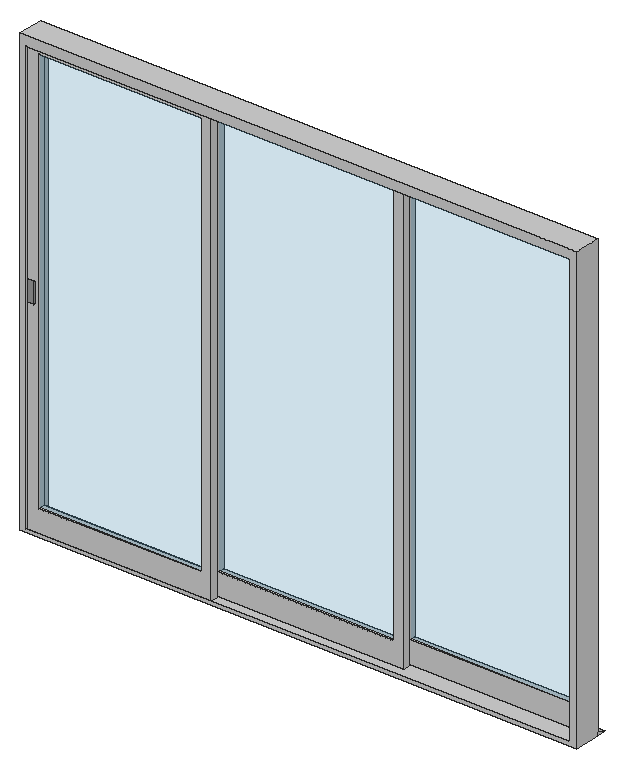
Revit family "Door-Slider-Fleetwood-3070-XXX", category Doors, host Wall, Revit 2013
Parameters (values of type "Archetype Narrow Hardware")
  Wall_Thickness [instance] = 1' - 0"
  URL = "www.fleetwoodusa.com"
  Thickness = 0' 1 29/32" * Number_Of_Tracks  # 0' - 5 23/32"
  Rough Width = Width + 0' 0 1/2"  # 10' - 0 1/2"
  Rough Height = Height + 0' 0 1/4"  # 8' - 0 1/4"
  Panel_Height [instance] = Height - 0' 1 17/32"  # 7' - 10 15/32"
  Panel_3_Configuration = 3070_EX_Panel : Active Lead Panel Right Archetype Narrow
  Panel_3 = Centerline_2_Calc + 0' 2 19/256"  # 3' - 6 19/256"
  Panel_2_Configuration = 3070_EX_Panel : Sliding Panel  Interlock and Interlock
  Panel_2 = Width - Centerline_1_Calc - Centerline_2_Calc + 0' 0 17/256"  # 3' - 4 17/256"
  Panel_1_Configuration = 3070_EX_Panel : Active Lead Panel Right Archetype Narrow
  Panel_1 = Centerline_1_Calc + 0' 0 71/256"  # 3' - 4 71/256"
  Number_Of_Tracks = 3  # constant formula
  Model = "3070"
  Manufacturer = "Fleetwood Windows and Doors"
  Interior Wrap Overhang = 0' - 0 1/2"
  Hardware = Stainless Steel, Brushed
  Glazing = Glass
  Frame_&_Panel = Aluminum, Anodized Clear
  Equal_Centerlines = if(and(Centerline_1 > 0' 6", Centerline_2 > 0' 6"), 1 > 2, 1 < 2)  # yes
  Centerline_2_Calc = if(Centerline_2 < 0' 6", Width / 3, Centerline_2)  # 3' - 4"
  Centerline_2 = 0' - 0"
  Centerline_1_Calc = if(Centerline_1 < 0' 6", Width / 3, Centerline_1)  # 3' - 4"
  Centerline_1 = 0' - 0"
  Exterior Wrap Overhang = 0' - 0 1/2"
  Frame_Set_Back [instance] = (Wall_Thickness - Thickness) / 2  # 0' - 3 9/64"
  Function = Exterior
  Height = 8' - 0"
  Wall Closure = By host
  Width = 10' - 0"
  Configuration = "XXX"
  Analytic Construction = "<None>"
  Actuator_Height = 3' - 10"
Types (2): name | Panel_3_Configuration | Panel_1_Configuration | Actuator_Height
  Archetype Hardware | 3070_EX_Panel : Active Lead Panel Left Archetype | 3070_EX_Panel : Active Lead Panel Left Archetype | 4' - 5 3/4"
  Archetype Narrow Hardware | 3070_EX_Panel : Active Lead Panel Right Archetype Narrow | 3070_EX_Panel : Active Lead Panel Right Archetype Narrow | 3' - 10"
Reference planes (in)
  plane 1 "Center (Front/Back)": y = 0
  plane 2 "Center (Left/Right)": x = 0
  plane 3 "Left": x = -60.25
  plane 4 "Right": x = 60.25
  plane 5 "Top": z = 96.25
  plane 6 "Exterior": y = 6
  plane 7 "Interior": y = -6
  plane 8 "Exterior Wrap Depth": y = 2.85938
  plane 9 "Interior Wrap Depth": y = -2.85938
  plane 10 "Right Frame": x = 60
  plane 11 "Left Frame": x = -60
  plane 12 "Exerier Wrap Left": x = -59.75
  plane 13 "Exterior Wrap Right": x = 59.5
  plane 14 "Exterior Wrap Top": z = 95.75
  plane 15 "Interior Wrap Left": x = -59.75
  plane 16 "Interior Wrap Right": x = 59.75
  plane 17 "Interior Wrap Top": z = 95.75
  plane 18 "Frame Top": z = 96
  plane 19 "Vent Height": z = 93.96094
  plane 20: x = -59.0275
  plane 21: x = 59.0275
  plane 22: z = 0.302
  plane 23: y = -1.90537
  plane 24: y = 1.91062
  plane 25: y = 0.00263
  plane 26: x = 20
  plane 27: y = 9
Forms (in)
  Extrusion 1, void
    sketch origin (0, 0, 0) x (1, 0, 0) y (0, 1, 0)
      loop
        line (-59.75, 6) -> (-59.75, 2.85938) -> (59.5, 2.85938) -> (59.5, 6) -> (-59.75, 6)
    from 0 to 95.75
  Extrusion 2, void
    sketch origin (0, 0, 0) x (1, 0, 0) y (0, 1, 0)
      loop
        line (-60.25, 2.85938) -> (-60.25, -2.85938) -> (60.25, -2.85938) -> (60.25, 2.85938) -> (-60.25, 2.85938)
    from 0 to 96.25
  Extrusion 3, void
    sketch origin (0, 0, 0) x (1, 0, 0) y (0, 1, 0)
      loop
        line (-59.75, -2.85938) -> (-59.75, -6) -> (59.75, -6) -> (59.75, -2.85938) -> (-59.75, -2.85938)
    from 0 to 95.75
Lines and regions (in)
  symbolic lines
    curve 1: line (-59.0275, 9, 0) -> (-47.0275, 9, 0)
    curve 2: line (-51.0275, 7, 0) -> (-47.0275, 9, 0)
    curve 3: line (-51.0275, 11, 0) -> (-47.0275, 9, 0)
    curve 7: line (59.0275, 9, 0) -> (47.0275, 9, 0)
    curve 8: line (51.0275, 7, 0) -> (47.0275, 9, 0)
    curve 9: line (51.0275, 11, 0) -> (47.0275, 9, 0)
    curve 10: line (-6, 9, 0) -> (6, 9, 0)
    curve 11: line (2, 7, 0) -> (6, 9, 0)
    curve 12: line (2, 11, 0) -> (6, 9, 0)
    curve 13: line (6, 9, 0) -> (-6, 9, 0)
    curve 14: line (-2, 7, 0) -> (-6, 9, 0)
    curve 15: line (-2, 11, 0) -> (-6, 9, 0)
  symbolic lines, not visible
    curve 4: line (-41.80247, 12.37674, 0) -> (-29.80247, 12.37674, 0)
    curve 5: line (-33.80247, 10.37674, 0) -> (-29.80247, 12.37674, 0)
    curve 6: line (-33.80247, 14.37674, 0) -> (-29.80247, 12.37674, 0)
  reference lines
    curve 16: line (0, 9, 0.302) -> (0, 11, 0.302)
    curve 17: line (-53.0275, 9, 0.302) -> (-53.0275, 11, 0.302)
    curve 19: line (53.0275, 9, 0.302) -> (53.0275, 11, 0.302)
    curve 20: line (0, 9, 0.302) -> (0, 11, 0.302)
  reference lines, not visible
    curve 18: line (-35.80247, 12.37674, 0.302) -> (-35.80247, 14.37674, 0.302)
Text (in)
  text "Exterior" at (-74.96733, 27.31104, 0), in view "Ref. Level"
  text "Interior" at (-74.96733, -25.14366, 0), in view "Ref. Level"
  text "Exterior" at (0, 40.15149, 123.01588), in view "Right"
  text "Interior" at (0, -64.39139, 123.01588), in view "Right"
  text "Interior" at (0, -31.01599, 123.00693), in view "Left"
  text "Exterior" at (0, 54.57065, 123.00693), in view "Left"
Dimensions and locks (in)
  equal spacing: plane 3 "Left", plane 2 "Center (Left/Right)", plane 4 "Right"
  plane 3 "Left" to plane 4 "Right" = 10' - 0 1/2"
  "Frame_Set_Back": plane 8 "Exterior Wrap Depth" to plane 6 "Exterior"
  "Exterior Wrap Overhang": plane 13 "Exterior Wrap Right" to plane 10 "Right Frame"
  "Exterior Wrap Overhang": plane 3 "Left" to plane 12 "Exerier Wrap Left"
  "Thickness": plane 8 "Exterior Wrap Depth" to plane 9 "Interior Wrap Depth"
  "Exterior Wrap Overhang": plane 14 "Exterior Wrap Top" to plane 5 "Top"
  "Interior Wrap Overhang": plane 3 "Left" to plane 15 "Interior Wrap Left"
  "Interior Wrap Overhang": plane 16 "Interior Wrap Right" to plane 4 "Right"
  "Interior Wrap Overhang": plane 17 "Interior Wrap Top" to plane 5 "Top"
  "Rough Height": level to plane 5 "Top"
  "Rough Width": plane 3 "Left" to plane 4 "Right"
  "Width": plane 11 "Left Frame" to plane 10 "Right Frame"
  "Height": level to plane 18 "Frame Top"
  equal spacing: plane 11 "Left Frame", plane 2 "Center (Left/Right)", plane 10 "Right Frame"
  locked: plane 19 "Vent Height" to plane 18 "Frame Top" at 2.03906
  "Wall_Thickness": host wall to host wall
  plane 11 "Left Frame" to plane 20 = 0' - 0.9725"
  plane 21 to plane 10 "Right Frame" = 0' - 0.9725"
  locked: level to plane 22 at 0.302
  locked: plane 23 to plane 9 "Interior Wrap Depth" at 0.954
  locked: plane 24 to plane 9 "Interior Wrap Depth" at 4.77
  locked: plane 25 to plane 9 "Interior Wrap Depth" at 2.862
  "Centerline_1_Calc": plane 26 to plane 10 "Right Frame"
  aligned and locked: plane 6 "Exterior" to host wall
  aligned and locked: plane 7 "Interior" to host wall
  aligned and locked: Extrusion 1 sketch curve to plane 8 "Exterior Wrap Depth"
  aligned and locked: plane 6 "Exterior" to Extrusion 1 sketch curve
  aligned and locked: plane 12 "Exerier Wrap Left" to Extrusion 1 sketch curve
  aligned and locked: plane 13 "Exterior Wrap Right" to Extrusion 1 sketch curve
  aligned and locked: Extrusion 1 to plane 14 "Exterior Wrap Top"
  aligned and locked: plane 4 "Right" to Extrusion 2 sketch curve
  aligned and locked: plane 8 "Exterior Wrap Depth" to Extrusion 2 sketch curve
  aligned and locked: plane 9 "Interior Wrap Depth" to Extrusion 2 sketch curve
  aligned and locked: Extrusion 2 sketch curve to plane 3 "Left"
  aligned and locked: Extrusion 2 to plane 5 "Top"
  aligned and locked: Extrusion 3 sketch curve to plane 15 "Interior Wrap Left"
  aligned and locked: plane 16 "Interior Wrap Right" to Extrusion 3 sketch curve
  aligned and locked: Extrusion 3 sketch curve to plane 9 "Interior Wrap Depth"
  aligned and locked: Extrusion 3 sketch curve to plane 7 "Interior"
  aligned and locked: Extrusion 3 to plane 17 "Interior Wrap Top"
  aligned and locked: plane 2 "Center (Left/Right)" to nested 1
  aligned and locked: nested 1 to plane 9 "Interior Wrap Depth"
  aligned and locked: plane 20 to nested 2
  aligned and locked: plane 23 to nested 2
  aligned and locked: plane 22 to nested 3
  aligned and locked: nested 3 to plane 24
  aligned and locked: plane 25 to nested 4
  aligned and locked: plane 21 to nested 3
  aligned and locked: curve 7 to plane 27
  aligned and locked: plane 21 to curve 7
  aligned and locked: plane 27 to curve 1
  aligned and locked: plane 20 to curve 1
  aligned and locked: plane 27 to curve 10
  aligned and locked: curve 13 to plane 27
  aligned and locked: curve 20 to curve 16
  aligned and locked: nested 4 to plane 26
Automatic sketch dimensions
  curve 16 to curve 16 = 0' - 2"
  curve 17 to curve 17 = 0' - 2"
  curve 18 to curve 18 = 0' - 2"
  curve 19 to curve 19 = 0' - 2"
  curve 20 to curve 20 = 0' - 2"
Nested families (in)
  nested 1: "3070-EX_Frame" at (0, 0, 0), Number_Of_Tracks <- "Number_Of_Tracks", Net Frame Width <- "Width", Net Frame Height <- "Height", Frame Finish <- "Frame_&_Panel", type "3070-EX_Frame"
    with Track Width 0' - 5 23/32", Sill_Riser yes, Number_Of_Tracks 3, Net Frame Width 10' - 0", Net Frame Height 8' - 0", Frame Finish Aluminum, Anodized Clear
  nested 2: "3070_EX_Panel" at (-35.0275, -1.90537, 0.302) x (-1, 0, 0) z (0, 0, 1), type <- "Panel_3_Configuration", Panel_Width <- "Panel_2", Panel_Height <- "Panel_Height", Glazing_Material <- "Glazing", Hardware_Finish <- "Hardware", Panel_Finish <- "Frame_&_Panel", Actuator_Height <- "Actuator_Height", type "Active Lead Panel Right Archetype Narrow"
    with Panel_Width 3' - 4 17/256", Panel_Height 7' - 10 15/32", Panel_Finish Aluminum, Anodized Clear, Hardware_Finish Stainless Steel, Brushed, Glazing_Material Glass, Glass_Width 2' - 11.08199", Actuator_Height 3' - 10"
  nested 3: "3070_EX_Panel" at (35.0275, 1.91062, 0.302), type <- "Panel_1_Configuration", Panel_Width <- "Panel_1", Panel_Finish <- "Frame_&_Panel", Hardware_Finish <- "Hardware", Glazing_Material <- "Glazing", Panel_Height <- "Panel_Height", Actuator_Height <- "Actuator_Height", type "Active Lead Panel Right Archetype Narrow"
    with Panel_Width 3' - 4 71/256", Panel_Height 7' - 10 15/32", Panel_Finish Aluminum, Anodized Clear, Hardware_Finish Stainless Steel, Brushed, Glazing_Material Glass, Glass_Width 2' - 11.29292", Actuator_Height 3' - 10"
  nested 4: "3070_EX_Panel" at (2.96289, 0.00263, 0.302) x (-1, 0, 0) z (0, 0, 1), Panel_Finish <- "Frame_&_Panel", Hardware_Finish <- "Hardware", Glazing_Material <- "Glazing", Panel_Height <- "Panel_Height", Panel_Width <- "Panel_3", type <- "Panel_2_Configuration", Actuator_Height <- "Actuator_Height", type "Sliding Panel  Interlock and Interlock"
    with Panel_Width 3' - 6 19/256", Panel_Height 7' - 10 15/32", Panel_Finish Aluminum, Anodized Clear, Hardware_Finish Stainless Steel, Brushed, Glazing_Material Glass, Glass_Width 3' - 1 237/256", Actuator_Height 3' - 10"
Definition of nested family "3070-EX_Frame"
  Parameters (values of type "3070-EX_Frame")
    Track Width [instance] = 0' 1 29/32" * Number_Of_Tracks  # 0' - 3 13/16"
    Sill_Riser [instance] = yes
    Number_Of_Tracks [instance] = 2
    Net Frame Width [instance] = 8' - 0"
    Net Frame Height [instance] = 8' - 0"
    Manufacturer = "Fleetwoo Windows And Doors"
    Frame Finish [instance] = Aluminum, Anodized Silver
    Default Elevation = 4' - 0"
  Reference planes (in)
    plane 1 "Center (Front/Back)": y = 0
    plane 2: z = 0
    plane 3 "Center (Left/Right)": x = 0
    plane 4: x = -48
    plane 5: x = 48
    plane 6: y = 1.90625
    plane 7: y = -1.90625
    plane 8: x = 46.65625
    plane 9: x = -46.65625
    plane 10: z = 0.71094
    plane 11: z = 96
    plane 12: z = 94.07422
    plane 13: y = 3.8125
  Forms (in)
    Extrusion 1, solid
      sketch origin (0, 0, 0) x (1, 0, 0) y (0, 1, 0)
        loop
          line (-48, 48) -> (-48, -48) -> (48, -48) -> (48, 48) -> (-48, 48)
      from 0 to -12
    Extrusion 2, solid, material "Aluminum, Anodized Silver" <- "Frame Finish"
      sketch origin (0, 0, 0) x (1, 0, 0) y (0, 0, 1)
        loop
          line (-48, 96) -> (-48, 0) -> (48, 0) -> (48, 96) -> (-48, 96)
        loop
          line (46.65625, 94.07422) -> (-46.65625, 94.07422) -> (-46.65625, 0.71094) -> (46.65625, 0.71094) -> (46.65625, 94.07422)
      from -1.90625 to 1.90625
    Extrusion 3, solid, material "Aluminum, Anodized Silver" <- "Frame Finish", visible <- "Sill_Riser"
      sketch origin (0, 0, 0) x (0, -1, 0) y (0, 0, -1)
        loop
          line (-1.90625, -0.71094) -> (-1.90625, 0) -> (-3.81425, 0) -> (-1.90625, -0.71094)
      from -48 to 48
  Lines and regions (in)
    Masking region 1
      outline origin (0, 0, 0) x (1, 0, 0) y (0, 1, 0)
        loop
          line (48, 1.90625) -> (-48, 1.90625) -> (-48, -1.90625) -> (48, -1.90625) -> (48, 1.90625)
    Masking region 2, visible <- "Sill_Riser"
      outline origin (0, 0, 0) x (1, 0, 0) y (0, 1, 0)
        loop
          line (48, 1.90625) -> (48, 3.8125) -> (-48, 3.8125) -> (-48, 1.90625) -> (48, 1.90625)
    symbolic lines
      curve 1: line (-46.65625, 1.90625, 0) -> (-46.65625, -1.90625, 0)
      curve 2: line (46.65625, 1.90625, 0) -> (46.65625, -1.90625, 0)
  Dimensions and locks (in)
    equal spacing: plane 4, plane 3 "Center (Left/Right)", plane 5
    "Net Frame Width": plane 4 to plane 5
    "Track Width": plane 7 to plane 6
    equal spacing: plane 7, plane 1 "Center (Front/Back)", plane 6
    locked: plane 8 to plane 5 at 1.34375
    locked: plane 4 to plane 9 at 1.34375
    locked: plane 10 to level at 0.71094
    "Net Frame Height": plane 11 to level
    locked: plane 11 to plane 12 at 1.92578
    locked: plane 6 to plane 13 at 1.90625
    aligned and locked: plane 2 to Extrusion 1
    aligned and locked: level to Extrusion 1
    aligned and locked: Extrusion 2 sketch curve to plane 11
    aligned and locked: plane 4 to Extrusion 2 sketch curve
    aligned and locked: Extrusion 2 sketch curve to plane 5
    aligned and locked: plane 2 to Extrusion 2 sketch curve
    aligned and locked: Extrusion 2 sketch curve to plane 9
    aligned and locked: Extrusion 2 sketch curve to plane 10
    aligned and locked: plane 8 to Extrusion 2 sketch curve
    aligned and locked: plane 12 to Extrusion 2 sketch curve
    aligned and locked: Extrusion 2 to plane 6
    aligned and locked: plane 7 to Extrusion 2
    aligned and locked: plane 10 to Extrusion 3
    aligned and locked: plane 6 to Extrusion 3
    aligned and locked: Extrusion 3 to Extrusion 1
    aligned and locked: Extrusion 1 to Extrusion 3
    aligned and locked: plane 5 to Extrusion 3
    aligned and locked: Extrusion 3 to plane 4
    aligned and locked: Masking region 1 sketch curve to plane 4
    aligned and locked: plane 7 to Masking region 1 sketch curve
    aligned and locked: Masking region 1 sketch curve to plane 6
    aligned and locked: plane 5 to Masking region 1 sketch curve
    aligned and locked: plane 4 to Masking region 2 sketch curve
    aligned and locked: plane 13 to Masking region 2 sketch curve
    aligned and locked: Masking region 2 sketch curve to plane 6
    aligned and locked: Masking region 2 sketch curve to plane 5
    aligned and locked: plane 6 to curve 1
    aligned and locked: plane 7 to curve 1
    aligned and locked: curve 1 to plane 9
    aligned and locked: plane 6 to curve 2
    aligned and locked: plane 7 to curve 2
    aligned and locked: curve 2 to plane 8
  Automatic sketch dimensions
    Extrusion 1 sketch curve to Extrusion 1 sketch curve = 8' - 0"  (x2)
    Extrusion 3 sketch curve to level = 0' - 0"
    Extrusion 3 sketch curve to plane 6 = 0' - 0"
    Extrusion 3 sketch curve to plane 10 = 0' - 0"
    Extrusion 3 sketch curve to plane 13 = 0' - 0.00175"
Definition of nested family "3070_EX_Panel"
  Parameters (values of type "Fixed Panel Archetype Narrow Stile")
    Top_Rail = if(Bottom_Rail_As_Top, 0' 5 19/128", 0' 1 59/128")  # 0' - 1 59/128"
    Stile_Condition = 2
    Sightline_Extender_Condition = 0
    Right_Stile = if(or(Archetype_Stile, Archetype_Inactive_Panel), 0' 3.9688", if(or(Archetype_Narrow_Inactive_Panel, Archetype_Narrow_Stile), 0' 2.9102", if(Narrow_Fixed_Stile, 0' 1.0195", 0' 2 19/256")))  # 0' - 2.9102"
    Panel_Width [instance] = 4' - 0"
    Panel_Height [instance] = 7' - 0"
    Panel_Finish [instance] = none
    Narrow_Fixed_Stile = Stile_Condition = 3  # no
    Model = ""
    Manufacturer = "Fleetwood Windows And Doors"
    Left_Stile = if([1_Sightline_Extender], 0' 3 19/256", if([2.5_Sightline_Extender], 0' 4 147/256", if([3.5_Sightline_Extender], 0' 5 147/256", 0' 2 19/256")))  # 0' - 2 19/256"
    Hardware_Finish [instance] = none
    Glass_Width [instance] = Panel_Width - (Right_Stile + Left_Stile)  # 3' - 7.01558"
    Double_Arrow = no
    Arrow = no
    Archetype_Narrow_Inactive_Panel = Stile_Condition = 9  # no
    Archetype_Narrow_Hardware_L = Stile_Condition = 7  # no
    Archetype_Narrow_Hardware = no
    Archetype_Inactive_Panel = Stile_Condition = 8  # no
    Archetype_Flush_Pulls = no
    Glazing_Material [instance] = none
    Glass_Thickness = 0' - 1"
    Description = ""
    Bottom_Rail_As_Top = no
    Bottom_Rail = 0' - 5 19/128"  # constant formula
    Archetype_Narrow_Stile = or(Stile_Condition = 2, Stile_Condition = 6, Stile_Condition = 7, Stile_Condition = 9)  # yes
    Archetype_Stile = or(Stile_Condition = 1, Stile_Condition = 4, Stile_Condition = 5, Stile_Condition = 8)  # no
    Archetype_Narrow_Hardware_R = Stile_Condition = 6  # no
    Archetype_Hardware_Right = Stile_Condition = 5  # no
    Archetype_Hardware_Left = Stile_Condition = 4  # no
    Archetype_Actuator = or(Archetype_Hardware_Right, Archetype_Hardware_Left)  # no
    Actuator_Height [instance] = 4' - 5 3/4"
    3.5_Sightline_Extender = Sightline_Extender_Condition = 3  # no
    2.5_Sightline_Extender = Sightline_Extender_Condition = 2  # no
    1_Sightline_Extender = Sightline_Extender_Condition = 1  # no
  Types (13): name | Stile_Condition | Sightline_Extender_Condition | Right_Stile | Narrow_Fixed_Stile | Left_Stile | Glass_Width | Double_Arrow | Arrow | Archetype_Narrow_Inactive_Panel | Archetype_Narrow_Hardware_L | Archetype_Narrow_Hardware | Archetype_Inactive_Panel | Archetype_Flush_Pulls | Description | Archetype_Narrow_Stile | Archetype_Stile | Archetype_Narrow_Hardware_R | Archetype_Hardware_Right | Archetype_Hardware_Left | Archetype_Actuator | Actuator_Height | 3.5_Sightline_Extender | 2.5_Sightline_Extender | 1_Sightline_Extender
    Sliding Panel  Interlock and Interlock | 0 | 0 | 0' - 2 19/256" | no | 0' - 2 19/256" | 3' - 7 109/128" | yes | yes | no | no | no | no | no | "" | no | no | no | no | no | no | 4' - 5 3/4" | no | no | no
    Pocket Panel 1" Sightline Extender | 0 | 1 | 0' - 2 19/256" | no | 0' - 3 19/256" | 3' - 6 109/128" | no | yes | no | no | no | no | no | "" | no | no | no | no | no | no | 4' - 5 3/4" | no | no | yes
    Pocket Panel 2.5" Sightline Extender | 0 | 2 | 0' - 2 19/256" | no | 0' - 4 147/256" | 3' - 5 45/128" | no | yes | no | no | no | no | no | "" | no | no | no | no | no | no | 4' - 5 3/4" | no | yes | no
    Pocket Panel 3.5" Sightline Extender | 0 | 3 | 0' - 2 19/256" | no | 0' - 5 147/256" | 3' - 4 45/128" | no | yes | no | no | no | no | no | "" | no | no | no | no | no | no | 4' - 5 3/4" | yes | no | no
    Active Lead Panel Right Archetype | 5 | 0 | 0' - 3.9688" | no | 0' - 2 19/256" | 3' - 5.95698" | no | yes | no | no | no | no | yes | "Fleetwood Sliding Door Panel" | no | yes | no | yes | no | yes | 4' - 5 15/16" | no | no | no
    Active Lead Panel Right Archetype Narrow | 6 | 0 | 0' - 2.9102" | no | 0' - 2 19/256" | 3' - 7.01558" | no | yes | no | no | yes | no | no | "" | yes | no | yes | no | no | no | 4' - 5 3/4" | no | no | no
    Fixed Panel Narrow Fixed Stile | 3 | 0 | 0' - 1.0195" | yes | 0' - 2 19/256" | 3' - 8.90628" | no | no | no | no | no | no | no | "" | no | no | no | no | no | no | 4' - 5 3/4" | no | no | no
    Fixed Panel Archetype Narrow Stile | 2 | 0 | 0' - 2.9102" | no | 0' - 2 19/256" | 3' - 7.01558" | no | no | no | no | no | no | no | "" | yes | no | no | no | no | no | 4' - 5 3/4" | no | no | no
    Fixed Panel Archetype Stile | 1 | 0 | 0' - 3.9688" | no | 0' - 2 19/256" | 3' - 5.95698" | no | no | no | no | no | no | no | "" | no | yes | no | no | no | no | 4' - 5 3/4" | no | no | no
    Active Lead Panel Left Archetype | 4 | 0 | 0' - 3.9688" | no | 0' - 2 19/256" | 3' - 5.95698" | no | yes | no | no | no | no | yes | "" | no | yes | no | no | yes | yes | 4' - 5 15/16" | no | no | no
    Active Lead Panel Left Archetype Narrow | 7 | 0 | 0' - 2.9102" | no | 0' - 2 19/256" | 3' - 7.01558" | no | yes | no | yes | yes | no | no | "" | yes | no | no | no | no | no | 4' - 5 3/4" | no | no | no
    Archetype_Inactive_Panel | 8 | 0 | 0' - 3.9688" | no | 0' - 2 19/256" | 3' - 5.95698" | no | yes | no | no | no | yes | no | "" | no | yes | no | no | no | no | 4' - 5 3/4" | no | no | no
    Archetype_Narrow_Inactive_Panel | 9 | 0 | 0' - 2.9102" | no | 0' - 2 19/256" | 3' - 7.01558" | no | yes | yes | no | yes | no | no | "" | yes | no | no | no | no | no | 4' - 5 3/4" | no | no | no
  Reference planes (in)
    plane 1 "Center (Front/Back)": y = 0
    plane 2: z = 0
    plane 3 "Center (Left/Right)": x = 0
    plane 4: y = -0.71484
    plane 5: y = 0.71484
    plane 6: x = -24
    plane 7: x = 24
    plane 8: z = 84
    plane 9: z = 5.14844
    plane 10: z = 82.53906
    plane 11: x = 21.0898
    plane 12: x = -21.92578
    plane 13: y = 0.5
    plane 14: y = -0.5
    plane 15: z = 53.75
    plane 16: x = 22.22656
    plane 17: y = 0
    plane 18: x = 22.74609
    plane 19: x = -22.96289
    plane 20: z = 42
    plane 21: x = -6
    plane 22: x = 6
    plane 23: x = -2
    plane 24: x = 2
  Forms (in)
    Extrusion 1, solid, material <- "Panel_Finish"
      sketch origin (0, 0, 0) x (1, 0, 0) y (0, 0, 1)
        loop
          line (24, 84) -> (-24, 84) -> (-24, 0) -> (24, 0) -> (24, 84)
        loop
          line (-21.92578, 5.14844) -> (21.0898, 5.14844) -> (21.0898, 82.53906) -> (-21.92578, 82.53906) -> (-21.92578, 5.14844)
      from -0.71484 to 0.71484
    Extrusion 2, solid, material <- "Glazing_Material"
      sketch origin (0, 0, 0) x (1, 0, 0) y (0, 0, 1)
        loop
          line (-21.92578, 82.53906) -> (-21.92578, 5.14844) -> (21.0898, 5.14844) -> (21.0898, 82.53906) -> (-21.92578, 82.53906)
      from -0.5 to 0.5
  Lines and regions (in)
    Masking region 1
      outline origin (0, 0, 0) x (1, 0, 0) y (0, 1, 0)
        loop
          line (-24, 0.71484) -> (-24, -0.71484) -> (24, -0.71484) -> (24, 0.71484) -> (-24, 0.71484)
    symbolic lines, visible <- "Arrow"
      curve 1: line (6, -0.71484, 42) -> (-6, -0.71484, 42)
      curve 2: line (-2, -0.71484, 40) -> (-6, -0.71484, 42)
      curve 3: line (-2, -0.71484, 44) -> (-6, -0.71484, 42)
    symbolic lines, visible <- "Double_Arrow"
      curve 4: line (2, -0.71484, 40) -> (6, -0.71484, 42)
      curve 5: line (2, -0.71484, 44) -> (6, -0.71484, 42)
  Dimensions and locks (in)
    equal spacing: plane 4, plane 1 "Center (Front/Back)", plane 5
    locked: plane 4 to plane 5 at 1.42969
    equal spacing: plane 6, plane 3 "Center (Left/Right)", plane 7
    "Panel_Width": plane 6 to plane 7
    "Panel_Height": plane 8 to plane 2
    "Bottom_Rail": plane 9 to level
    "Right_Stile": plane 7 to plane 11
    "Left_Stile": plane 12 to plane 6
    "Top_Rail": plane 8 to plane 10
    equal spacing: plane 14, plane 1 "Center (Front/Back)", plane 13
    "Glass_Thickness": plane 14 to plane 13
    "Actuator_Height": plane 15 to level
    locked: plane 7 to plane 16 at 1.77344
    locked: plane 18 to plane 7 at 1.25391
    locked: plane 6 to plane 19 at 1.03711
    equal spacing: plane 8, plane 20, level
    plane 22 to plane 3 "Center (Left/Right)" to plane 21 = 0' - 6" locked, 0' - 6" locked
    locked: plane 23 to plane 21 at 4
    locked: plane 22 to plane 24 at 4
    curve 3 to plane 20 to curve 2 = 0' - 2" locked, 0' - 2" locked
    locked: plane 15 to nested 1 at 5
    aligned and locked: plane 2 to level
    aligned and locked: plane 8 to Extrusion 1 sketch curve
    aligned and locked: plane 7 to Extrusion 1 sketch curve
    aligned and locked: Extrusion 1 sketch curve to plane 2
    aligned and locked: Extrusion 1 sketch curve to plane 6
    aligned and locked: Extrusion 1 sketch curve to plane 12
    aligned and locked: plane 10 to Extrusion 1 sketch curve
    aligned and locked: plane 11 to Extrusion 1 sketch curve
    aligned and locked: Extrusion 1 sketch curve to plane 9
    aligned and locked: Extrusion 1 to plane 5
    aligned and locked: plane 4 to Extrusion 1
    aligned and locked: Extrusion 2 sketch curve to plane 10
    aligned and locked: plane 12 to Extrusion 2 sketch curve
    aligned and locked: plane 9 to Extrusion 2 sketch curve
    aligned and locked: Extrusion 2 sketch curve to plane 11
    aligned and locked: Extrusion 2 to plane 13
    aligned and locked: plane 14 to Extrusion 2
    aligned and locked: plane 1 "Center (Front/Back)" to nested 1
    aligned and locked: plane 16 to nested 1
    aligned and locked: plane 15 to nested 2
    aligned and locked: plane 18 to nested 2
    aligned and locked: plane 1 "Center (Front/Back)" to nested 2
    aligned and locked: plane 5 to Masking region 1 sketch curve
    aligned and locked: plane 6 to Masking region 1 sketch curve
    aligned and locked: Masking region 1 sketch curve to plane 4
    aligned and locked: Masking region 1 sketch curve to plane 7
    aligned and locked: plane 21 to curve 2
    aligned and locked: curve 1 to curve 2
    aligned and locked: plane 20 to curve 1
    aligned and locked: plane 24 to curve 5
    aligned and locked: plane 24 to curve 4
    aligned and locked: plane 22 to curve 5
    aligned and locked: nested 3 to plane 15
    aligned and locked: plane 16 to nested 3
    aligned and locked: nested 3 to plane 1 "Center (Front/Back)"
    aligned and locked: nested 4 to plane 1 "Center (Front/Back)"
    aligned and locked: nested 4 to plane 16
  Automatic sketch dimensions
    curve 2 to plane 23 = 0' - 0"
    curve 3 to plane 23 = 0' - 0"
    curve 4 to plane 20 = 0' - 2"
    plane 20 to curve 5 = 0' - 2"
  Nested families (in)
    nested 1: "Archetype_Flush_Pulls" at (22.22656, 0, 42.25), Finish <- "Hardware_Finish", visible <- "Archetype_Flush_Pulls", type "Archetype_Flush_Pulls"
      with Finish none
    nested 2: "Archetype_Narrow_Hardware" at (22.74609, 0, 53.75), Finish <- "Hardware_Finish", Left <- "Archetype_Narrow_Hardware_L", visible <- "Archetype_Narrow_Hardware", Right <- "Archetype_Narrow_Hardware_R", type "Archetype_Narrow_Hardware", detail levels fine
      with Right no, Pulls_Only yes, Left no, Finish none
    nested 3: "Archetype_Actuator" at (22.22656, 0, 53.75) x (1, 0, 0) z (0, -1, 0), Finish <- "Hardware_Finish", visible <- "Archetype_Hardware_Left", type "Archetype_Actuator"
      with Finish none
    nested 4: "Archetype_Actuator" at (22.22656, 0, 53.9375) x (1, 0, 0) z (0, 1, 0), Finish <- "Hardware_Finish", visible <- "Archetype_Hardware_Right", type "Archetype_Actuator"
      with Finish none
  Definition of nested family "Archetype_Flush_Pulls"
    Parameters (values of type "Archetype_Flush_Pulls")
      Finish [instance] = none
    Reference planes (in)
      plane 1 "Center (Front/Back)": y = 0
      plane 2: z = 0
      plane 3 "Center (Left/Right)": x = 0
      plane 4: z = 6.5
      plane 5: z = 0.27344
      plane 6: z = 3.07422
      plane 7: y = -0.80469
      plane 8: y = 0.80469
      plane 9: y = -0.80469
      plane 10: x = 1.1875
      plane 11: x = -1.1875
      plane 12: x = 0.91406
      plane 13: x = -0.91406
      plane 14 "ext": y = -0.80469
      plane 15 "int": y = 0.80469
      plane 16: z = 6.21875
      plane 17: z = 3.35547
    Forms (in)
      Extrusion 1, solid, material <- "Finish", detail levels fine
        sketch origin (0, 0, 0) x (1, 0, 0) y (0, 0, 1)
          loop
            arc (-0.9375, 6.5) -> (-1.11428, 6.42678) -> (-1.1875, 6.25) r 0.25
            line (-1.1875, 6.25) -> (-1.1875, 0.25)
            arc (-1.1875, 0.25) -> (-1.11428, 0.07322) -> (-0.9375, 0) r 0.25
            line (-0.9375, 0) -> (0.9375, 0)
            arc (0.9375, 0) -> (1.11428, 0.07322) -> (1.1875, 0.25) r 0.25
            line (1.1875, 0.25) -> (1.1875, 6.25)
            arc (1.1875, 6.25) -> (1.11428, 6.42678) -> (0.9375, 6.5) r 0.25
            line (0.9375, 6.5) -> (-0.9375, 6.5)
        from -0.80469 to 0.80469
      Extrusion 2, void
        sketch origin (0, -0.80469, 0) x (-1, 0, 0) y (0, 0, 1)
          loop
            line (0.78906, 3.07422) -> (-0.78906, 3.07422)
            arc (-0.78906, 3.07422) -> (-0.87745, 3.03761) -> (-0.91406, 2.94922) r 0.125
            line (-0.91406, 2.94922) -> (-0.91406, 0.39844)
            arc (-0.91406, 0.39844) -> (-0.87745, 0.31005) -> (-0.78906, 0.27344) r 0.125
            line (-0.78906, 0.27344) -> (0.78906, 0.27344)
            arc (0.78906, 0.27344) -> (0.87745, 0.31005) -> (0.91406, 0.39844) r 0.125
            line (0.91406, 0.39844) -> (0.91406, 2.94922)
            arc (0.91406, 2.94922) -> (0.87745, 3.03761) -> (0.78906, 3.07422) r 0.125
        from 0 to 1
      Extrusion 3, void
        sketch origin (0, 0.80469, 0) x (-1, 0, 0) y (0, 0, 1)
          loop
            arc (-0.78906, 6.21875) -> (-0.87745, 6.18214) -> (-0.91406, 6.09375) r 0.125
            line (-0.91406, 6.09375) -> (-0.91406, 3.48047)
            arc (-0.91406, 3.48047) -> (-0.87745, 3.39208) -> (-0.78906, 3.35547) r 0.125
            line (-0.78906, 3.35547) -> (0.78906, 3.35547)
            arc (0.78906, 3.35547) -> (0.87745, 3.39208) -> (0.91406, 3.48047) r 0.125
            line (0.91406, 3.48047) -> (0.91406, 6.09375)
            arc (0.91406, 6.09375) -> (0.87745, 6.18214) -> (0.78906, 6.21875) r 0.125
            line (0.78906, 6.21875) -> (-0.78906, 6.21875)
        from 0 to -1
    Cuts and joins
      Extrusion 2, Extrusion 3 cuts Extrusion 1
    Dimensions and locks (in)
      locked: plane 4 to level at 6.5
      locked: plane 11 to plane 10 at 2.375
      locked: plane 12 to plane 10 at 0.27344
      locked: plane 11 to plane 13 at 0.27344
      locked: plane 6 to plane 5 at 2.80078
      equal spacing: plane 15 "int", plane 1 "Center (Front/Back)", plane 14 "ext"
      locked: plane 15 "int" to plane 14 "ext" at 1.60938
      locked: plane 5 to level at 0.27344
      locked: plane 4 to plane 16 at 0.28125
      locked: plane 17 to plane 6 at 0.28125
      aligned and locked: plane 2 to level
      aligned and locked: Extrusion 2 sketch curve to plane 6
      aligned and locked: plane 12 to Extrusion 2 sketch curve
      aligned and locked: plane 5 to Extrusion 2 sketch curve
      aligned and locked: Extrusion 2 sketch curve to plane 13
      aligned and locked: plane 12 to Extrusion 3 sketch curve
      aligned and locked: Extrusion 3 sketch curve to plane 16
      aligned and locked: Extrusion 3 sketch curve to plane 13
      aligned and locked: plane 17 to Extrusion 3 sketch curve
    Automatic sketch dimensions
      plane 11 to Extrusion 1 sketch curve = 0' - 0"
      Extrusion 1 sketch curve to level = 0' - 0"
      Extrusion 1 sketch curve to plane 4 = 0' - 0"
      plane 10 to Extrusion 1 sketch curve = 0' - 0"
      Extrusion 1 sketch curve to plane 5 = 0' - 0 3/128"
      plane 13 to Extrusion 1 sketch curve = 0' - 0 3/128"
      Extrusion 1 sketch curve to plane 12 = 0' - 0 3/128"  (x2)
      plane 12 to Extrusion 2 sketch curve = 0' - 0 1/8"  (x2)
      Extrusion 2 sketch curve to plane 13 = 0' - 0 1/8"  (x2)
      plane 12 to Extrusion 3 sketch curve = 0' - 0 1/8"  (x2)
      Extrusion 3 sketch curve to plane 13 = 0' - 0 1/8"  (x2)
  Definition of nested family "Archetype_Narrow_Hardware"
    Parameters (values of type "Archetype_Narrow_Hardware")
      Right [instance] = no
      Pulls_Only [instance] = if(or(Right, Left), 1 > 2, 1 < 2)  # yes
      Left [instance] = no
      Finish [instance] = none
    Reference planes (in)
      plane 1 "Center (Front/Back)": y = 0
      plane 2 "Actuator_Height": z = 0
      plane 3 "Center (Left/Right)": x = 0
      plane 4 "ext": y = 0.78906
      plane 5 "int": y = -0.78906
      plane 6: x = -0.6875
      plane 7: x = 0.6875
      plane 8: z = -1.75
      plane 9: z = 2.8125
      plane 10: z = 2.60547
      plane 11: x = 0.48047
      plane 12: x = -0.48047
      plane 13: z = -1.54297
      plane 14: z = 0.1875
      plane 15: z = -0.1875
      plane 16: z = 1.32031
      plane 17: z = 0
    Forms (in)
      Extrusion 1, solid, material <- "Finish", detail levels fine
        sketch origin (0, 0, 0) x (1, 0, 0) y (0, 0, 1)
          loop
            arc (-0.5625, 2.8125) -> (-0.65089, 2.77589) -> (-0.6875, 2.6875) r 0.125
            line (-0.6875, 2.6875) -> (-0.6875, -1.625)
            arc (-0.6875, -1.625) -> (-0.65089, -1.71339) -> (-0.5625, -1.75) r 0.125
            line (-0.5625, -1.75) -> (0.5625, -1.75)
            arc (0.5625, -1.75) -> (0.65089, -1.71339) -> (0.6875, -1.625) r 0.125
            line (0.6875, -1.625) -> (0.6875, 2.6875)
            arc (0.6875, 2.6875) -> (0.65089, 2.77589) -> (0.5625, 2.8125) r 0.125
            line (0.5625, 2.8125) -> (-0.5625, 2.8125)
        from -0.78906 to 0.78906
    Lines and regions (in)
      model lines, detail levels fine
        curve 1: line (0.5625, -0.78906, 2.8125) -> (-0.5625, -0.78906, 2.8125)
        curve 2: arc (0.6875, -0.78906, 2.6875) -> (0.65089, -0.78906, 2.77589) -> (0.5625, -0.78906, 2.8125) r 0.125
        curve 3: line (0.6875, -0.78906, -1.625) -> (0.6875, -0.78906, 2.6875)
        curve 4: arc (0.5625, -0.78906, -1.75) -> (0.65089, -0.78906, -1.71339) -> (0.6875, -0.78906, -1.625) r 0.125
        curve 5: line (-0.5625, -0.78906, -1.75) -> (0.5625, -0.78906, -1.75)
        curve 6: arc (-0.6875, -0.78906, -1.625) -> (-0.65089, -0.78906, -1.71339) -> (-0.5625, -0.78906, -1.75) r 0.125
        curve 7: line (-0.6875, -0.78906, 2.6875) -> (-0.6875, -0.78906, -1.625)
        curve 8: arc (-0.5625, -0.78906, 2.8125) -> (-0.65089, -0.78906, 2.77589) -> (-0.6875, -0.78906, 2.6875) r 0.125
        curve 9: line (-0.38672, -0.78906, 2.60547) -> (0.38672, -0.78906, 2.60547)
        curve 10: line (-0.48047, -0.78906, -1.44922) -> (-0.48047, -0.78906, 2.51172)
        curve 11: line (0.38672, -0.78906, -1.54297) -> (-0.38672, -0.78906, -1.54297)
        curve 12: line (0.48047, -0.78906, 2.51172) -> (0.48047, -0.78906, -1.44922)
        curve 13: arc (-0.48047, -0.78906, 2.51172) -> (-0.45301, -0.78906, 2.57801) -> (-0.38672, -0.78906, 2.60547) r 0.09375
        curve 14: arc (0.38672, -0.78906, 2.60547) -> (0.45301, -0.78906, 2.57801) -> (0.48047, -0.78906, 2.51172) r 0.09375
        curve 15: arc (0.48047, -0.78906, -1.44922) -> (0.45301, -0.78906, -1.51551) -> (0.38672, -0.78906, -1.54297) r 0.09375
        curve 16: arc (-0.38672, -0.78906, -1.54297) -> (-0.45301, -0.78906, -1.51551) -> (-0.48047, -0.78906, -1.44922) r 0.09375
        curve 17: line (0.5625, 0.78906, 2.8125) -> (-0.5625, 0.78906, 2.8125)
        curve 18: arc (0.6875, 0.78906, 2.6875) -> (0.65089, 0.78906, 2.77589) -> (0.5625, 0.78906, 2.8125) r 0.125
        curve 19: line (0.6875, 0.78906, -1.625) -> (0.6875, 0.78906, 2.6875)
        curve 20: arc (0.5625, 0.78906, -1.75) -> (0.65089, 0.78906, -1.71339) -> (0.6875, 0.78906, -1.625) r 0.125
        curve 21: line (-0.5625, 0.78906, -1.75) -> (0.5625, 0.78906, -1.75)
        curve 22: arc (-0.6875, 0.78906, -1.625) -> (-0.65089, 0.78906, -1.71339) -> (-0.5625, 0.78906, -1.75) r 0.125
        curve 23: line (-0.6875, 0.78906, 2.6875) -> (-0.6875, 0.78906, -1.625)
        curve 24: arc (-0.5625, 0.78906, 2.8125) -> (-0.65089, 0.78906, 2.77589) -> (-0.6875, 0.78906, 2.6875) r 0.125
        curve 25: line (-0.38672, 0.78906, 2.60547) -> (0.38672, 0.78906, 2.60547)
        curve 26: line (-0.48047, 0.78906, -1.44922) -> (-0.48047, 0.78906, 2.51172)
        curve 27: line (0.38672, 0.78906, -1.54297) -> (-0.38672, 0.78906, -1.54297)
        curve 28: line (0.48047, 0.78906, 2.51172) -> (0.48047, 0.78906, -1.44922)
        curve 29: arc (-0.48047, 0.78906, 2.51172) -> (-0.45301, 0.78906, 2.57801) -> (-0.38672, 0.78906, 2.60547) r 0.09375
        curve 30: arc (0.38672, 0.78906, 2.60547) -> (0.45301, 0.78906, 2.57801) -> (0.48047, 0.78906, 2.51172) r 0.09375
        curve 31: arc (0.48047, 0.78906, -1.44922) -> (0.45301, 0.78906, -1.51551) -> (0.38672, 0.78906, -1.54297) r 0.09375
        curve 32: arc (-0.38672, 0.78906, -1.54297) -> (-0.45301, 0.78906, -1.51551) -> (-0.48047, 0.78906, -1.44922) r 0.09375
      model lines, visible <- "Left", detail levels fine
        curve 33: line (0.48047, 0.78906, 1.32031) -> (-0.48047, 0.78906, 1.32031)
        curve 34: line (-0.48047, 0.78906, 0.1875) -> (0.48047, 0.78906, 0.1875)
        curve 35: line (0.48047, 0.78906, -0.1875) -> (-0.48047, 0.78906, -0.1875)
      model lines, visible <- "Right", detail levels fine
        curve 36: line (0.48047, -0.78906, 1.32031) -> (-0.48047, -0.78906, 1.32031)
        curve 37: line (-0.48047, -0.78906, 0.1875) -> (0.48047, -0.78906, 0.1875)
        curve 38: line (0.48047, -0.78906, -0.1875) -> (-0.48047, -0.78906, -0.1875)
    Dimensions and locks (in)
      equal spacing: plane 5 "int", plane 1 "Center (Front/Back)", plane 4 "ext"
      plane 5 "int" to plane 4 "ext" = 0' - 1 37/64"
      equal spacing: plane 6, plane 3 "Center (Left/Right)", plane 7
      locked: plane 6 to plane 7 at 1.375
      locked: level to plane 8 at 1.75
      locked: plane 9 to level at 2.8125
      locked: plane 9 to plane 10 at 0.20703
      locked: plane 13 to plane 8 at 0.20703
      locked: plane 7 to plane 11 at 0.20703
      locked: plane 12 to plane 6 at 0.20703
      plane 15 to level to plane 14 to plane 16 = 0' - 0 3/16" locked, 0' - 0 3/16" locked, 0' - 1 17/128" locked
      aligned and locked: plane 2 "Actuator_Height" to level
      aligned and locked: Extrusion 1 sketch curve to plane 9
      aligned and locked: Extrusion 1 sketch curve to plane 7
      aligned and locked: plane 6 to Extrusion 1 sketch curve
      aligned and locked: plane 8 to Extrusion 1 sketch curve
      aligned and locked: plane 5 "int" to Extrusion 1
      aligned and locked: Extrusion 1 to plane 4 "ext"
      aligned and locked: curve 2 to Extrusion 1
      aligned and locked: curve 4 to Extrusion 1
      aligned and locked: curve 6 to Extrusion 1
      aligned and locked: curve 8 to Extrusion 1
      aligned and locked: curve 9 to plane 10
      aligned and locked: curve 12 to plane 11
      aligned and locked: plane 13 to curve 11
      aligned and locked: plane 12 to curve 10
      aligned and locked: plane 10 to curve 25
      aligned and locked: curve 17 to plane 9
      aligned and locked: plane 8 to curve 21
      aligned and locked: curve 27 to plane 13
      aligned and locked: plane 6 to curve 23
      aligned and locked: curve 19 to plane 7
      aligned and locked: plane 11 to curve 33
      aligned and locked: plane 12 to curve 34
      aligned and locked: plane 11 to curve 35
      aligned and locked: plane 12 to curve 35
      aligned and locked: curve 33 to plane 16
      aligned and locked: plane 14 to curve 34
      aligned and locked: curve 35 to plane 15
      aligned and locked: plane 11 to curve 36
      aligned and locked: plane 12 to curve 36
      aligned and locked: plane 15 to curve 38
      aligned and locked: curve 37 to plane 14
      aligned and locked: plane 16 to curve 36
      aligned and locked: plane 2 "Actuator_Height" to plane 17
    Automatic sketch dimensions
      plane 8 to Extrusion 1 sketch curve = 0' - 0 1/8"
      plane 6 to Extrusion 1 sketch curve = 0' - 0 1/8"
      Extrusion 1 sketch curve to plane 7 = 0' - 0 1/8"  (x2)
      curve 21 to plane 12 = 0' - 0 21/256"
      curve 19 to plane 13 = 0' - 0 21/256"
      curve 17 to plane 12 = 0' - 0 21/256"
      plane 12 to curve 25 = 0' - 0 3/32"
      plane 12 to curve 27 = 0' - 0 3/32"
      curve 27 to plane 11 = 0' - 0 3/32"
      curve 25 to plane 11 = 0' - 0 3/32"
      plane 11 to curve 17 = 0' - 0 21/256"
      plane 12 to curve 9 = 0' - 0 3/32"
      plane 13 to curve 12 = 0' - 0 3/32"
      plane 12 to curve 11 = 0' - 0 3/32"
      curve 9 to plane 11 = 0' - 0 3/32"
  Definition of nested family "Archetype_Actuator"
    Parameters (values of type "Archetype_Actuator")
      Finish [instance] = none
    Reference planes (in)
      plane 1 "Center (Front/Back)": y = 0
      plane 2: z = 0
      plane 3 "Center (Left/Right)": x = 0
      plane 4: y = 1.1875
      plane 5: y = -1.1875
      plane 6: x = -1.1875
      plane 7: x = 1.1875
      plane 8: x = 0.91016
      plane 9: x = -0.91016
      plane 10: y = 0.91016
      plane 11: y = -0.91016
    Forms (in)
      Extrusion 1, solid, material <- "Finish"
        sketch origin (0, 0, 0) x (1, 0, 0) y (0, 1, 0)
          loop
            arc (-0.9375, 1.1875) -> (-1.11428, 1.11428) -> (-1.1875, 0.9375) r 0.25
            line (-1.1875, 0.9375) -> (-1.1875, -0.9375)
            arc (-1.1875, -0.9375) -> (-1.11428, -1.11428) -> (-0.9375, -1.1875) r 0.25
            line (-0.9375, -1.1875) -> (0.9375, -1.1875)
            arc (0.9375, -1.1875) -> (1.11428, -1.11428) -> (1.1875, -0.9375) r 0.25
            line (1.1875, -0.9375) -> (1.1875, 0.9375)
            arc (1.1875, 0.9375) -> (1.11428, 1.11428) -> (0.9375, 1.1875) r 0.25
            line (0.9375, 1.1875) -> (-0.9375, 1.1875)
        from 0 to 0.80469
    Dimensions and locks (in)
      aligned and locked: plane 2 to level
